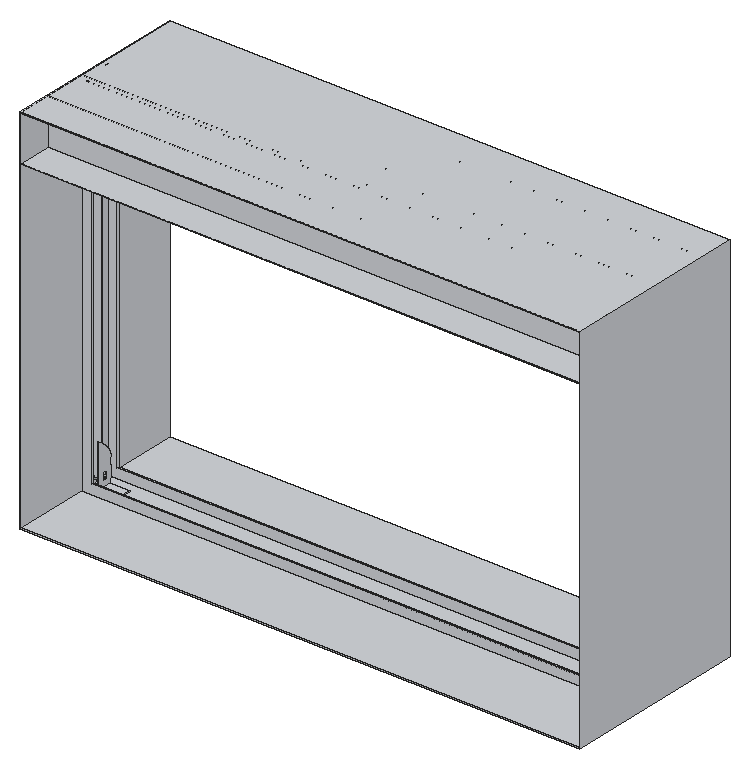
Revit family "FDD-SB", category Mechanical Equipment, Revit 2015
Parameters
  URL = "http://unitedenertech.com/catalog/pdf/A-5.%20FDD-SB.pdf"
  Type Comments = "Max. Sizes are (Vertical 72\"w x 32\"h) (Horizontal 36\"w x 32\"h)"
  Model = "FDD-SB"
  Manufacturer = "United Enertech Corporation"
  Keynote = ""
  Exact Width = 3' - 0"
  Duct Height [instance] = 1' - 9"
  Description = "Curtain Fire Damper for use in Static or Dynamic Systems"
  Damper Height = 2' - 0"
  Depth = 1' - 0"
  Blade Width [instance] = Exact Width - 0' 0 1/8"  # 2' - 11 7/8"
  Blade Pair Number [instance] = (Damper Height - 0' 0 9/128") / 0' 3 7/8"  # 6
  "B" = if(Damper Height < 1' 10 1/4", 0' 2", if(Damper Height < 2' 11 1/4", 0' 3", if(Damper Height < 3' 10 1/4", 0' 4", if(Damper Height < 4' 0 1/4", 0' 5", 0' 5"))))  # 0' - 3"
Reference planes (in)
  plane 1 "Center (Front/Back)": y = 0
  plane 2: z = 0
  plane 3 "Center (Left/Right)": x = 0
  plane 4: x = -18
  plane 5: x = 18
  plane 6: y = -6
  plane 7: y = 6
  plane 8: z = 24
  plane 9: x = -17.9641
  plane 10: x = 17.9641
  plane 11: z = 0.0359
  plane 12: z = 23.9641
  plane 13: y = 1.09375
  plane 14: y = -1.09375
  plane 15: y = -0.96875
  plane 16: y = 0.96875
  plane 17: z = 0.6609
  plane 18: x = -17.3391
  plane 19: x = 17.3391
  plane 20: z = 23.3391
  plane 21: z = 21
  plane 22: y = 3.8125
  plane 23: y = -3.8125
  plane 24: z = 21.0359
  plane 25: y = 3.8484
  plane 26: y = -3.8484
  plane 27: x = -0.25
  plane 28: x = 0.25
  plane 29: x = -17.41019
  plane 30: x = 17.41019
Forms (in)
  Extrusion 1, solid
    sketch origin (0, 0, 0) x (1, 0, 0) y (0, 0, 1)
      loop
        line (-17.9641, 23.9641) -> (-17.9641, 0.0359) -> (17.9641, 0.0359) -> (17.9641, 23.9641) -> (-17.9641, 23.9641)
      loop
        line (-18, 24) -> (-18, 0) -> (18, 0) -> (18, 24) -> (-18, 24)
    from -6 to 6
  Extrusion 2, solid
    sketch origin (0, 0, 0) x (1, 0, 0) y (0, 0, 1)
      loop
        line (-17.3391, 23.3391) -> (-17.3391, 0.6609) -> (17.3391, 0.6609) -> (17.3391, 23.3391) -> (-17.3391, 23.3391)
      loop
        line (-17.9641, 23.9641) -> (-17.9641, 0.0359) -> (17.9641, 0.0359) -> (17.9641, 23.9641) -> (-17.9641, 23.9641)
    from 0.96875 to 1.09375
  Extrusion 3, solid
    sketch origin (0, 0, 0) x (1, 0, 0) y (0, 0, 1)
      loop
        line (-17.3391, 23.3391) -> (-17.3391, 0.6609) -> (17.3391, 0.6609) -> (17.3391, 23.3391) -> (-17.3391, 23.3391)
      loop
        line (-17.9641, 23.9641) -> (-17.9641, 0.0359) -> (17.9641, 0.0359) -> (17.9641, 23.9641) -> (-17.9641, 23.9641)
    from -1.09375 to -0.96875
  Extrusion 4, solid
    sketch origin (0, 0, 0) x (0, 1, 0) y (0, 0, 1)
      loop
        line (6, 21) -> (6, 21.0359) -> (3.8484, 21.0359) -> (3.8484, 23.9641) -> (3.8125, 23.9641) -> (3.8125, 21) -> (6, 21)
    from -17.9641 to 17.9641
  Extrusion 5, solid
    sketch origin (0, 0, 0) x (0, -1, 0) y (0, 0, -1)
      loop
        line (6, -21) -> (3.8125, -21) -> (3.8125, -23.9641) -> (3.8484, -23.9641) -> (3.8484, -21.0359) -> (6, -21.0359) -> (6, -21)
    from -17.9641 to 17.9641
  Extrusion 6, solid
    sketch origin (0, 0, 0) x (0, 1, 0) y (0, 0, 1)
      loop
        line (0.96875, 23.9641) -> (0.93285, 23.9641) -> (0.93285, 21) -> (1.43285, 21) -> (1.43285, 21.45) -> (1.39695, 21.45) -> (1.39695, 21.0359) -> (0.96875, 21.0359) -> (0.96875, 23.9641)
    from -0.25 to 0.25
  Extrusion 7, solid
    sketch origin (0, 0, 0) x (0, -1, 0) y (0, 0, -1)
      loop
        line (0.96875, -23.9641) -> (0.96875, -21.0359) -> (1.39695, -21.0359) -> (1.39695, -21.45) -> (1.43285, -21.45) -> (1.43285, -21) -> (0.93285, -21) -> (0.93285, -23.9641) -> (0.96875, -23.9641)
    from -0.25 to 0.25
  Extrusion 8, solid
    sketch origin (0, 0, 0) x (0, 1, 0) y (0, 0, 1)
      loop
        line (-0.18817, 0.46965) -> (-0.15348, 0.46965) -> (-0.15348, 21) -> (-0.18817, 21) -> (-0.18817, 0.46965)
    from 17.41019 to 17.9641
  Extrusion 9, solid
    sketch origin (0, 0, 0) x (0, 1, 0) y (0, 0, -1)
      loop
        line (-0.18817, -0.46965) -> (-0.18817, -21) -> (-0.15348, -21) -> (-0.15348, -0.46965) -> (-0.18817, -0.46965)
    from 17.41019 to 17.9641
  Extrusion 10, solid
    sketch origin (0, 0, 0) x (0, 1, 0) y (0, 0, 1)
      loop
        arc (-0.15348, 21) -> (-0.03435, 21.35844) -> (0.23559, 21.62263) r 0.80221
        line (0.23559, 21.62263) -> (0.21813, 21.65023)
        arc (0.21813, 21.65023) -> (-0.05913, 21.37142) -> (-0.18817, 21) r 0.88457
        line (-0.18817, 21) -> (-0.15348, 21)
    from 17.41019 to 17.9641
  Extrusion 11, solid
    sketch origin (0, 0, 0) x (0, 1, 0) y (0, 0, -1)
      loop
        line (-0.15348, -21) -> (-0.18817, -21)
        arc (-0.18817, -21) -> (-0.05913, -21.37142) -> (0.21813, -21.65023) r 0.88457
        line (0.21813, -21.65023) -> (0.23559, -21.62263)
        arc (0.23559, -21.62263) -> (-0.03435, -21.35844) -> (-0.15348, -21) r 0.80221
    from 17.41019 to 17.9641
Dimensions and locks (in)
  equal spacing: plane 4, plane 3 "Center (Left/Right)", plane 5
  "Exact Width": plane 4 to plane 5
  equal spacing: plane 7, plane 1 "Center (Front/Back)", plane 6
  "Depth": plane 7 to plane 6
  "Damper Height": plane 8 to level
  locked: plane 9 to plane 4 at 0.0359
  locked: plane 5 to plane 10 at 0.0359
  locked: plane 8 to plane 12 at 0.0359
  locked: plane 11 to level at 0.0359
  locked: plane 13 to plane 14 at 2.1875
  locked: plane 15 to plane 14 at 0.125
  locked: plane 13 to plane 16 at 0.125
  locked: plane 18 to plane 9 at 0.625
  locked: plane 10 to plane 19 at 0.625
  locked: plane 17 to plane 11 at 0.625
  locked: plane 12 to plane 20 at 0.625
  ""B"": plane 8 to plane 21
  "Duct Height": plane 21 to level
  locked: plane 7 to plane 22 at 2.1875
  locked: plane 23 to plane 6 at 2.1875
  locked: plane 24 to plane 21 at 0.0359
  locked: plane 25 to plane 22 at 0.0359
  locked: plane 23 to plane 26 at 0.0359
  equal spacing: group 1, group 2, group 3, group 4, group 5, group 6  (x2)
  equal spacing: group 6, group 5, group 4, group 3, group 2, group 1
  locked: nested 1 to nested 2 at 0.40625
  locked: plane 4 to plane 29 at 0.58981
  locked: plane 30 to plane 5 at 0.58981
  aligned and locked: level to plane 2
  aligned and locked: level to Extrusion 1 sketch curve
  aligned and locked: Extrusion 1 sketch curve to plane 4
  aligned and locked: Extrusion 1 sketch curve to plane 5
  aligned and locked: Extrusion 1 sketch curve to plane 8
  aligned and locked: Extrusion 1 sketch curve to plane 12
  aligned and locked: plane 10 to Extrusion 1 sketch curve
  aligned and locked: plane 11 to Extrusion 1 sketch curve
  aligned and locked: plane 9 to Extrusion 1 sketch curve
  aligned and locked: plane 7 to Extrusion 1
  aligned and locked: Extrusion 1 to plane 6
  aligned and locked: plane 11 to Extrusion 2 sketch curve
  aligned and locked: plane 9 to Extrusion 2 sketch curve
  aligned and locked: plane 10 to Extrusion 2 sketch curve
  aligned and locked: Extrusion 2 sketch curve to plane 12
  aligned and locked: Extrusion 2 sketch curve to plane 20
  aligned and locked: Extrusion 2 sketch curve to plane 19
  aligned and locked: plane 17 to Extrusion 2 sketch curve
  aligned and locked: Extrusion 2 sketch curve to plane 18
  aligned and locked: plane 13 to Extrusion 3
  aligned and locked: Extrusion 3 to plane 16
  aligned and locked: plane 15 to Extrusion 2
  aligned and locked: Extrusion 2 to plane 14
  aligned and locked: Extrusion 4 sketch curve to plane 7
  aligned and locked: plane 21 to Extrusion 4 sketch curve
  aligned and locked: plane 24 to Extrusion 4 sketch curve
  aligned and locked: Extrusion 4 sketch curve to plane 22
  aligned and locked: plane 25 to Extrusion 4 sketch curve
  aligned and locked: Extrusion 4 sketch curve to plane 12
  aligned and locked: Extrusion 5 sketch curve to plane 6
  aligned and locked: Extrusion 5 sketch curve to plane 24
  aligned and locked: Extrusion 5 sketch curve to plane 21
  aligned and locked: plane 12 to Extrusion 5 sketch curve
  aligned and locked: Extrusion 5 sketch curve to plane 26
  aligned and locked: plane 23 to Extrusion 5 sketch curve
  aligned and locked: Extrusion 5 to plane 10
  aligned and locked: Extrusion 4 to plane 10
  aligned and locked: Extrusion 5 to plane 9
  aligned and locked: Extrusion 4 to plane 9
  aligned and locked: plane 3 "Center (Left/Right)" to nested 1
  aligned and locked: plane 12 to nested 1
  aligned and locked: plane 21 to Extrusion 6 sketch curve
  aligned and locked: plane 27 to Extrusion 7
  aligned and locked: plane 27 to Extrusion 6
  aligned and locked: plane 28 to Extrusion 7
  aligned and locked: plane 28 to Extrusion 6
  aligned and locked: plane 24 to nested 7
  aligned and locked: nested 8 to plane 9
  aligned and locked: plane 10 to nested 9
  aligned and locked: Extrusion 8 sketch curve to plane 21
  aligned and locked: Extrusion 8 to plane 10
  aligned and locked: Extrusion 9 to plane 9
  aligned and locked: plane 29 to Extrusion 9
  aligned and locked: plane 30 to Extrusion 8
  aligned and locked: Extrusion 10 sketch curve to plane 21
  aligned and locked: Extrusion 10 to plane 10
  aligned and locked: plane 30 to Extrusion 10
  aligned and locked: Extrusion 11 to plane 9
  aligned and locked: plane 29 to Extrusion 11
Automatic sketch dimensions
  Extrusion 3 sketch curve to plane 9 = 0' - 0"
  Extrusion 3 sketch curve to plane 17 = 0' - 0"
  plane 18 to Extrusion 3 sketch curve = 0' - 0"
  Extrusion 3 sketch curve to plane 19 = 0' - 0"
  plane 10 to Extrusion 3 sketch curve = 0' - 0"
  Extrusion 3 sketch curve to plane 11 = 0' - 0"
  Extrusion 3 sketch curve to plane 20 = 0' - 0"
  Extrusion 3 sketch curve to plane 12 = 0' - 0"
  Extrusion 6 sketch curve to plane 12 = 0' - 0"
  Extrusion 6 sketch curve to plane 16 = 0' - 0"
  plane 24 to Extrusion 6 sketch curve = 0' - 0"
  Extrusion 6 sketch curve to plane 16 = 0' - 0.0359"
  plane 13 to Extrusion 6 sketch curve = 0' - 0.3032"
  Extrusion 6 sketch curve to Extrusion 6 sketch curve = 0' - 0.0359"
  Extrusion 6 sketch curve to plane 24 = 0' - 0.4141"
  Extrusion 7 sketch curve to plane 21 = 0' - 0"
  Extrusion 7 sketch curve to plane 12 = 0' - 0"
  Extrusion 7 sketch curve to plane 15 = 0' - 0"
  plane 24 to Extrusion 7 sketch curve = 0' - 0"
  Extrusion 7 sketch curve to plane 15 = 0' - 0.0359"
  plane 14 to Extrusion 7 sketch curve = 0' - 0.3032"
  Extrusion 7 sketch curve to Extrusion 7 sketch curve = 0' - 0.0359"
  plane 24 to Extrusion 7 sketch curve = 0' - 0.4141"
  plane 1 "Center (Front/Back)" to Extrusion 8 sketch curve = 0' - 0.18817"
  Extrusion 8 sketch curve to Extrusion 8 sketch curve = 0' - 0.0347"
  Extrusion 8 sketch curve to plane 17 = 0' - 0.19125"
  Extrusion 9 sketch curve to plane 21 = 0' - 0"
  plane 1 "Center (Front/Back)" to Extrusion 9 sketch curve = 0' - 0.18817"
  Extrusion 9 sketch curve to Extrusion 9 sketch curve = 0' - 0.0347"
  Extrusion 9 sketch curve to plane 17 = 0' - 0.19125"
  plane 1 "Center (Front/Back)" to Extrusion 10 sketch curve = 0' - 0.18817"
  Extrusion 10 sketch curve to Extrusion 10 sketch curve = 0' - 0.0347"
  Extrusion 10 sketch curve to plane 1 "Center (Front/Back)" = 0' - 0.21813"
  Extrusion 10 sketch curve to Extrusion 10 sketch curve = 0' - 0.01746"
  Extrusion 10 sketch curve to plane 21 = 0' - 0.06667"
  Extrusion 10 sketch curve to plane 16 = 0' - 0.32279"
  Extrusion 10 sketch curve to Extrusion 10 sketch curve = 0' - 0.04506"
  Extrusion 10 sketch curve to Extrusion 10 sketch curve = 0' - 0.03066"
  Extrusion 11 sketch curve to plane 21 = 0' - 0"
  plane 1 "Center (Front/Back)" to Extrusion 11 sketch curve = 0' - 0.18817"
  Extrusion 11 sketch curve to Extrusion 11 sketch curve = 0' - 0.0347"
  Extrusion 11 sketch curve to plane 1 "Center (Front/Back)" = 0' - 0.21813"
  Extrusion 11 sketch curve to Extrusion 11 sketch curve = 0' - 0.01746"
  Extrusion 11 sketch curve to plane 21 = 0' - 0.06667"
  Extrusion 11 sketch curve to plane 16 = 0' - 0.32279"
  Extrusion 11 sketch curve to Extrusion 11 sketch curve = 0' - 0.04506"
  Extrusion 11 sketch curve to Extrusion 11 sketch curve = 0' - 0.02759"
Nested families (in)
  nested 1: "FD-SALB BLADESEDITED" at (0, 1.17008, 23.12138), type "FD-SALB BLADESEDITED"
    with Blade Width 2' - 11 7/8"
  nested 2: "FD-SALB BLADESEDITED" at (0, 1.17008, 22.71513), type "FD-SALB BLADESEDITED"
    with Blade Width 2' - 11 7/8"
  nested 3: "FD-SALB BLADESEDITED" at (0, 1.17008, 22.30888), type "FD-SALB BLADESEDITED"
    with Blade Width 2' - 11 7/8"
  nested 4: "FD-SALB BLADESEDITED" at (0, 1.17008, 21.90263), type "FD-SALB BLADESEDITED"
    with Blade Width 2' - 11 7/8"
  nested 5: "FD-SALB BLADESEDITED" at (0, 1.17008, 21.49638), type "FD-SALB BLADESEDITED"
    with Blade Width 2' - 11 7/8"
  nested 6: "FD-SALB BLADESEDITED" at (0, 1.17008, 21.09013), type "FD-SALB BLADESEDITED"
    with Blade Width 2' - 11 7/8"
  nested 7: "EFL" at (4.62017, 3.54736, 21.0359), type "EFL"
  nested 8: "Fire Damper Spring" at (-17.41019, -4.48368, -2.82915) x (0, 1, 0) z (0, 0, 1), type "Fire Damper Spring"
  nested 9: "Fire Damper Spring" at (17.41019, -4.48368, -2.82915) x (0, 1, 0) z (0, 0, 1), type "Fire Damper Spring"
Definition of nested family "FD-SALB BLADESEDITED"
  Parameters (values of type "FD-SALB BLADESEDITED")
    Blade Width = 1' - 11 7/8"
  Reference planes (in)
    plane 1 "Center (Front/Back)": y = 0
    plane 2: z = 0
    plane 3 "Center (Left/Right)": x = 0
    plane 4: x = -11.9375
    plane 5: x = 11.9375
  Forms (in)
    Extrusion 1, solid
      sketch origin (0, 0, 0) x (0, 1, 0) y (0, 0, 1)
        loop
          line (-0.31672, 0.53073) -> (-0.3446, 0.62657)
          arc (-0.3446, 0.62657) -> (-0.33726, 0.6415) -> (-0.32269, 0.63348) r 0.0115
          line (-0.32269, 0.63348) -> (-0.30545, 0.53536)
          arc (-0.30545, 0.53536) -> (-0.31611, 0.49773) -> (-0.35217, 0.48264) r 0.045
          line (-0.35217, 0.48264) -> (-0.39872, 0.48554)
          arc (-0.39872, 0.48554) -> (-0.42675, 0.49692) -> (-0.44125, 0.52348) r 0.045
          line (-0.44125, 0.52348) -> (-0.47071, 0.66865)
          arc (-0.47071, 0.66865) -> (-0.48965, 0.70349) -> (-0.5262, 0.7189) r 0.06
          line (-0.5262, 0.7189) -> (-1.55698, 0.78305) -> (-1.76244, 0.79584)
          arc (-1.76244, 0.79584) -> (-1.79846, 0.78683) -> (-1.82228, 0.75836) r 0.06
          line (-1.82228, 0.75836) -> (-1.88016, 0.61423)
          arc (-1.88016, 0.61423) -> (-1.90974, 0.57877) -> (-1.95445, 0.56733) r 0.075
          arc (-1.95445, 0.56733) -> (-2.03902, 0.60869) -> (-2.06957, 0.69773) r 0.123
          line (-2.06957, 0.69773) -> (-2.06418, 0.78456)
          arc (-2.06418, 0.78456) -> (-2.05371, 0.80551) -> (-2.03138, 0.81256) r 0.03
          line (-2.03138, 0.81256) -> (-1.90763, 0.80489) -> (-1.90763, 0.8362) -> (-2.01284, 0.84272) -> (-2.04641, 0.84272)
          arc (-2.04641, 0.84272) -> (-2.08042, 0.82292) -> (-2.09536, 0.7865) r 0.06125
          line (-2.09536, 0.7865) -> (-2.10077, 0.69966)
          arc (-2.10077, 0.69966) -> (-2.06244, 0.58801) -> (-1.95639, 0.53614) r 0.15425
          arc (-1.95639, 0.53614) -> (-1.89306, 0.55235) -> (-1.8512, 0.60257) r 0.10625
          line (-1.8512, 0.60257) -> (-1.7933, 0.74674)
          arc (-1.7933, 0.74674) -> (-1.78183, 0.76038) -> (-1.76452, 0.76466) r 0.02875
          line (-1.76452, 0.76466) -> (-1.55892, 0.75186) -> (-0.52813, 0.68773)
          arc (-0.52813, 0.68773) -> (-0.51045, 0.68016) -> (-0.50148, 0.66314) r 0.02875
          line (-0.50148, 0.66314) -> (-0.47199, 0.51784)
          arc (-0.47199, 0.51784) -> (-0.4474, 0.47346) -> (-0.4004, 0.45434) r 0.07625
          line (-0.4004, 0.45434) -> (-0.35398, 0.45144)
          arc (-0.35398, 0.45144) -> (-0.29278, 0.47694) -> (-0.27468, 0.54073) r 0.07625
          line (-0.27468, 0.54073) -> (-0.29191, 0.63889)
          arc (-0.29191, 0.63889) -> (-0.33988, 0.67434) -> (-0.37768, 0.6282) r 0.04327
          line (-0.37768, 0.6282) -> (-0.34677, 0.52199) -> (-0.31672, 0.53073)
      from -11.9375 to 11.9375
    Extrusion 2, solid
      sketch origin (0, 0, 0) x (0, 1, 0) y (0, 0, 1)
        loop
          arc (-0.31635, 0.67497) -> (-0.29361, 0.66856) -> (-0.28256, 0.64768) r 0.03
          line (-0.28256, 0.64768) -> (-0.2714, 0.56286)
          arc (-0.2714, 0.56286) -> (-0.29582, 0.47194) -> (-0.37737, 0.42491) r 0.123
          arc (-0.37737, 0.42491) -> (-0.42275, 0.43328) -> (-0.45469, 0.46664) r 0.075
          line (-0.45469, 0.46664) -> (-0.52225, 0.60648)
          arc (-0.52225, 0.60648) -> (-0.54755, 0.63305) -> (-0.58358, 0.63992) r 0.06
          line (-0.58358, 0.63992) -> (-0.78858, 0.61304) -> (-1.81262, 0.47877)
          arc (-1.81262, 0.47877) -> (-1.84723, 0.46173) -> (-1.86432, 0.42714) r 0.06
          line (-1.86432, 0.42714) -> (-1.88437, 0.27537)
          arc (-1.88437, 0.27537) -> (-1.89734, 0.2499) -> (-1.92301, 0.23735) r 0.045
          line (-1.92301, 0.23735) -> (-1.96868, 0.2314)
          arc (-1.96868, 0.2314) -> (-2.00696, 0.24361) -> (-2.02023, 0.28153) r 0.045
          line (-2.02023, 0.28153) -> (-2.00995, 0.379)
          arc (-2.00995, 0.379) -> (-1.99657, 0.38882) -> (-1.98728, 0.37505) r 0.0115
          line (-1.98728, 0.37505) -> (-2.00879, 0.27676) -> (-1.97772, 0.26996) -> (-1.95543, 0.37179)
          arc (-1.95543, 0.37179) -> (-1.99381, 0.41919) -> (-2.04121, 0.38081) r 0.04313
          line (-2.04121, 0.38081) -> (-2.05127, 0.28509)
          arc (-2.05127, 0.28509) -> (-2.02877, 0.22122) -> (-1.96431, 0.20045) r 0.07625
          line (-1.96431, 0.20045) -> (-1.91897, 0.20638)
          arc (-1.91897, 0.20638) -> (-1.87533, 0.22771) -> (-1.85342, 0.27106) r 0.07625
          line (-1.85342, 0.27106) -> (-1.83333, 0.42305)
          arc (-1.83333, 0.42305) -> (-1.82514, 0.43962) -> (-1.80853, 0.44779) r 0.02875
          line (-1.80853, 0.44779) -> (-0.78452, 0.58205) -> (-0.57967, 0.60892)
          arc (-0.57967, 0.60892) -> (-0.56246, 0.60559) -> (-0.55039, 0.5929) r 0.02875
          line (-0.55039, 0.5929) -> (-0.48278, 0.45303)
          arc (-0.48278, 0.45303) -> (-0.4376, 0.40578) -> (-0.37331, 0.39393) r 0.10625
          arc (-0.37331, 0.39393) -> (-0.27103, 0.4529) -> (-0.24041, 0.56695) r 0.15425
          line (-0.24041, 0.56695) -> (-0.2515, 0.65113)
          arc (-0.2515, 0.65113) -> (-0.27433, 0.69316) -> (-0.32041, 0.70596) r 0.06125
          line (-0.32041, 0.70596) -> (-0.44437, 0.68971) -> (-0.44031, 0.65872) -> (-0.31635, 0.67497)
      from -11.9375 to 11.9375
  Dimensions and locks (in)
    equal spacing: plane 4, plane 3 "Center (Left/Right)", plane 5
    "Blade Width": plane 4 to plane 5
    aligned and locked: level to plane 2
    aligned and locked: plane 4 to Extrusion 1
    aligned and locked: plane 4 to Extrusion 2
    aligned and locked: plane 5 to Extrusion 1
    aligned and locked: plane 5 to Extrusion 2
  Automatic sketch dimensions
    Extrusion 2 sketch curve to Extrusion 2 sketch curve = 0' - 0"  (x35)
    level to Extrusion 2 sketch curve = 0' - 0.28509"
    plane 1 "Center (Front/Back)" to Extrusion 2 sketch curve = 0' - 2.05127"
    level to Extrusion 2 sketch curve = 0' - 0.38081"
    Extrusion 2 sketch curve to Extrusion 2 sketch curve = 0' - 0.01006"
    level to Extrusion 2 sketch curve = 0' - 0.28153"
    Extrusion 2 sketch curve to Extrusion 2 sketch curve = 0' - 0.03105"
    level to Extrusion 2 sketch curve = 0' - 0.27676"
    Extrusion 2 sketch curve to Extrusion 2 sketch curve = 0' - 0.01143"  (x2)
    Extrusion 2 sketch curve to Extrusion 2 sketch curve = 0' - 0.04266"
    Extrusion 2 sketch curve to Extrusion 2 sketch curve = 0' - 0.00023"
    level to Extrusion 2 sketch curve = 0' - 0.26996"
    Extrusion 2 sketch curve to Extrusion 2 sketch curve = 0' - 0.03107"
    Extrusion 2 sketch curve to Extrusion 2 sketch curve = 0' - 0.00213"
    level to Extrusion 2 sketch curve = 0' - 0.2314"
    Extrusion 2 sketch curve to Extrusion 2 sketch curve = 0' - 0.00904"
    level to Extrusion 2 sketch curve = 0' - 0.20045"
    level to Extrusion 2 sketch curve = 0' - 0.37179"
    Extrusion 2 sketch curve to Extrusion 2 sketch curve = 0' - 0.0467"
    level to Extrusion 2 sketch curve = 0' - 0.27537"
    Extrusion 2 sketch curve to Extrusion 2 sketch curve = 0' - 0.04451"
    level to Extrusion 2 sketch curve = 0' - 0.27106"
    Extrusion 2 sketch curve to Extrusion 2 sketch curve = 0' - 0.03095"
    Extrusion 2 sketch curve to Extrusion 2 sketch curve = 0' - 0.0486"
    plane 1 "Center (Front/Back)" to Extrusion 2 sketch curve = 0' - 0.78452"
    Extrusion 2 sketch curve to Extrusion 2 sketch curve = 0' - 0.20094"
    Extrusion 2 sketch curve to Extrusion 2 sketch curve = 0' - 0 1/256"  (x2)
    Extrusion 2 sketch curve to Extrusion 2 sketch curve = 0' - 0.0034"
    Extrusion 2 sketch curve to Extrusion 2 sketch curve = 0' - 0.13921"
    Extrusion 2 sketch curve to Extrusion 2 sketch curve = 0' - 0.00406"  (x3)
    Extrusion 2 sketch curve to Extrusion 2 sketch curve = 0' - 0.04695"
    Extrusion 2 sketch curve to Extrusion 2 sketch curve = 0' - 0.00624"
    Extrusion 2 sketch curve to Extrusion 2 sketch curve = 0' - 0.0809"
    Extrusion 2 sketch curve to Extrusion 2 sketch curve = 0' - 0.0299"
    Extrusion 2 sketch curve to Extrusion 2 sketch curve = 0' - 0.03106"
    Extrusion 2 sketch curve to Extrusion 2 sketch curve = 0' - 0.00661"
    Extrusion 2 sketch curve to Extrusion 2 sketch curve = 0' - 0.00119"
    Extrusion 2 sketch curve to Extrusion 2 sketch curve = 0' - 0.14822"
    level to Extrusion 2 sketch curve = 0' - 0.49927"
    Extrusion 2 sketch curve to Extrusion 2 sketch curve = 0' - 0.04759"
    Extrusion 2 sketch curve to Extrusion 2 sketch curve = 0' - 0.0335"
    Extrusion 2 sketch curve to Extrusion 2 sketch curve = 0' - 0.00168"
    Extrusion 2 sketch curve to Extrusion 2 sketch curve = 0' - 0.02855"
    Extrusion 2 sketch curve to Extrusion 2 sketch curve = 0' - 0.031"
    Extrusion 2 sketch curve to Extrusion 2 sketch curve = 0' - 0.09835"
    Extrusion 2 sketch curve to Extrusion 2 sketch curve = 0' - 0.00246"
    Extrusion 2 sketch curve to Extrusion 2 sketch curve = 0' - 0.00345"
    Extrusion 2 sketch curve to Extrusion 2 sketch curve = 0' - 0.11186"
    Extrusion 2 sketch curve to Extrusion 2 sketch curve = 0' - 0.03098"  (x3)
    level to Extrusion 2 sketch curve = 0' - 0.37898"
    Extrusion 2 sketch curve to Extrusion 2 sketch curve = 0' - 0.00003"  (x4)
    Extrusion 2 sketch curve to Extrusion 2 sketch curve = 0' - 0.01101"
    level to Extrusion 2 sketch curve = 0' - 0.37505"
    Extrusion 2 sketch curve to Extrusion 2 sketch curve = 0' - 0.00585"
    level to Extrusion 2 sketch curve = 0' - 0.23735"
    Extrusion 2 sketch curve to Extrusion 2 sketch curve = 0' - 0.00404"
    level to Extrusion 2 sketch curve = 0' - 0.20636"
    level to Extrusion 2 sketch curve = 0' - 0.42714"
    Extrusion 2 sketch curve to Extrusion 2 sketch curve = 0' - 0.0595"
    level to Extrusion 2 sketch curve = 0' - 0.42305"
    Extrusion 2 sketch curve to Extrusion 2 sketch curve = 0' - 0.02852"
    Extrusion 2 sketch curve to Extrusion 2 sketch curve = 0' - 0.0207"
    level to Extrusion 2 sketch curve = 0' - 0.47878"
    Extrusion 2 sketch curve to Extrusion 2 sketch curve = 0' - 0.00374"
    level to Extrusion 2 sketch curve = 0' - 0.44779"
    Extrusion 2 sketch curve to Extrusion 2 sketch curve = 0' - 0.02588"
    Extrusion 2 sketch curve to Extrusion 2 sketch curve = 0' - 0.02814"
    Extrusion 2 sketch curve to Extrusion 2 sketch curve = 0' - 0.0957"
    Extrusion 2 sketch curve to Extrusion 2 sketch curve = 0' - 0.00004"  (x2)
    Extrusion 2 sketch curve to Extrusion 2 sketch curve = 0' - 0.02809"
    Extrusion 2 sketch curve to Extrusion 2 sketch curve = 0' - 0.00975"
    Extrusion 2 sketch curve to Extrusion 2 sketch curve = 0' - 0.00796"
    Extrusion 2 sketch curve to Extrusion 2 sketch curve = 0' - 0.01116"
    Extrusion 2 sketch curve to Extrusion 2 sketch curve = 0' - 0.00002"
    Extrusion 1 sketch curve to Extrusion 1 sketch curve = 0' - 0"  (x30)
    level to Extrusion 1 sketch curve = 0' - 0.7827"
    plane 1 "Center (Front/Back)" to Extrusion 1 sketch curve = 0' - 2.03423"
    Extrusion 1 sketch curve to Extrusion 1 sketch curve = 0' - 0.00284"
    Extrusion 1 sketch curve to Extrusion 1 sketch curve = 0' - 0.01854"
    Extrusion 1 sketch curve to Extrusion 1 sketch curve = 0' - 0.08443"
    Extrusion 1 sketch curve to Extrusion 1 sketch curve = 0' - 0.00298"
    Extrusion 1 sketch curve to Extrusion 1 sketch curve = 0' - 0.03918"
    Extrusion 1 sketch curve to Extrusion 1 sketch curve = 0' - 0.14102"
    level to Extrusion 1 sketch curve = 0' - 0.76466"
    Extrusion 1 sketch curve to Extrusion 1 sketch curve = 0' - 0.00209"
    level to Extrusion 1 sketch curve = 0' - 0.79584"
    Extrusion 1 sketch curve to Extrusion 1 sketch curve = 0' - 0.00208"  (x2)
    level to Extrusion 1 sketch curve = 0' - 0.75186"
    Extrusion 1 sketch curve to Extrusion 1 sketch curve = 0' - 0.2056"
    Extrusion 1 sketch curve to Extrusion 1 sketch curve = 0' - 0.00194"  (x2)
    plane 1 "Center (Front/Back)" to Extrusion 1 sketch curve = 0' - 0.52993"
    Extrusion 1 sketch curve to Extrusion 1 sketch curve = 0' - 0.02845"
    Extrusion 1 sketch curve to Extrusion 1 sketch curve = 0' - 0.02949"
    Extrusion 1 sketch curve to Extrusion 1 sketch curve = 0' - 0.03077"  (x2)
    Extrusion 1 sketch curve to Extrusion 1 sketch curve = 0' - 0.03074"
    Extrusion 1 sketch curve to Extrusion 1 sketch curve = 0' - 0.04085"
    Extrusion 1 sketch curve to Extrusion 1 sketch curve = 0' - 0.00168"
    Extrusion 1 sketch curve to Extrusion 1 sketch curve = 0' - 0.04445"
    Extrusion 1 sketch curve to Extrusion 1 sketch curve = 0' - 0.01912"
    Extrusion 1 sketch curve to Extrusion 1 sketch curve = 0' - 0.04641"
    Extrusion 1 sketch curve to Extrusion 1 sketch curve = 0' - 0.00182"
    Extrusion 1 sketch curve to Extrusion 1 sketch curve = 0' - 0.00238"
    Extrusion 1 sketch curve to Extrusion 1 sketch curve = 0' - 0.00302"
    Extrusion 1 sketch curve to Extrusion 1 sketch curve = 0' - 0.03307"
    Extrusion 1 sketch curve to Extrusion 1 sketch curve = 0' - 0.01008"
    Extrusion 1 sketch curve to Extrusion 1 sketch curve = 0' - 0.00072"
    Extrusion 1 sketch curve to Extrusion 1 sketch curve = 0' - 0.01112"
    Extrusion 1 sketch curve to Extrusion 1 sketch curve = 0' - 0.03006"
    Extrusion 1 sketch curve to Extrusion 1 sketch curve = 0' - 0.03078"
    Extrusion 1 sketch curve to Extrusion 1 sketch curve = 0' - 0.02867"
    Extrusion 1 sketch curve to Extrusion 1 sketch curve = 0' - 0.09261"
    level to Extrusion 1 sketch curve = 0' - 0.66865"
    Extrusion 1 sketch curve to Extrusion 1 sketch curve = 0' - 0.00551"
    Extrusion 1 sketch curve to Extrusion 1 sketch curve = 0' - 0.00412"
    Extrusion 1 sketch curve to Extrusion 1 sketch curve = 0' - 0.04791"
    Extrusion 1 sketch curve to Extrusion 1 sketch curve = 0' - 0.02976"
    Extrusion 1 sketch curve to Extrusion 1 sketch curve = 0' - 0.00541"
    Extrusion 1 sketch curve to Extrusion 1 sketch curve = 0' - 0.00087"
    Extrusion 1 sketch curve to Extrusion 1 sketch curve = 0' - 0.00852"
    Extrusion 1 sketch curve to Extrusion 1 sketch curve = 0' - 0.00559"
    Extrusion 1 sketch curve to Extrusion 1 sketch curve = 0' - 0.00702"
    Extrusion 1 sketch curve to Extrusion 1 sketch curve = 0' - 0.00564"
    Extrusion 1 sketch curve to Extrusion 1 sketch curve = 0' - 0.03935"
    Extrusion 1 sketch curve to Extrusion 1 sketch curve = 0' - 0.0312"
    Extrusion 1 sketch curve to Extrusion 1 sketch curve = 0' - 0.03119"
    Extrusion 1 sketch curve to Extrusion 1 sketch curve = 0' - 0.1148"
    Extrusion 1 sketch curve to Extrusion 1 sketch curve = 0' - 0.03131"
    Extrusion 1 sketch curve to Extrusion 1 sketch curve = 0' - 0.02994"
    level to Extrusion 1 sketch curve = 0' - 0.78456"
    Extrusion 1 sketch curve to Extrusion 1 sketch curve = 0' - 0.00539"
    level to Extrusion 1 sketch curve = 0' - 0.69772"
    Extrusion 1 sketch curve to Extrusion 1 sketch curve = 0' - 0.03117"
    Extrusion 1 sketch curve to Extrusion 1 sketch curve = 0' - 0.03118"
    level to Extrusion 1 sketch curve = 0' - 0.69966"
    Extrusion 1 sketch curve to Extrusion 1 sketch curve = 0' - 0.03357"
    Extrusion 1 sketch curve to Extrusion 1 sketch curve = 0' - 0.0066"
    Extrusion 1 sketch curve to Extrusion 1 sketch curve = 0' - 0.06959"
    level to Extrusion 1 sketch curve = 0' - 0.61423"
    Extrusion 1 sketch curve to Extrusion 1 sketch curve = 0' - 0.00004"  (x2)
    Extrusion 1 sketch curve to Extrusion 1 sketch curve = 0' - 0.02896"
    level to Extrusion 1 sketch curve = 0' - 0.60259"
    level to Extrusion 1 sketch curve = 0' - 0.75838"
    Extrusion 1 sketch curve to Extrusion 1 sketch curve = 0' - 0.05778"
    level to Extrusion 1 sketch curve = 0' - 0.74674"
    Extrusion 1 sketch curve to Extrusion 1 sketch curve = 0' - 0.02669"
    Extrusion 1 sketch curve to Extrusion 1 sketch curve = 0' - 0.00179"
    Extrusion 1 sketch curve to Extrusion 1 sketch curve = 0' - 0.00193"
    Extrusion 1 sketch curve to Extrusion 1 sketch curve = 0' - 0.01125"
    Extrusion 1 sketch curve to Extrusion 1 sketch curve = 0' - 0.00003"
    Extrusion 1 sketch curve to Extrusion 1 sketch curve = 0' - 0.05622"
    Extrusion 1 sketch curve to Extrusion 1 sketch curve = 0' - 0.03016"
Definition of nested family "EFL"
  Reference planes (in)
    plane 1 "Center (Front/Back)": y = 0
    plane 2: z = 0
    plane 3 "Center (Left/Right)": x = 0
  Forms (in)
    Extrusion 1, solid
      sketch origin (0, 0, 0) x (1, 0, 0) y (0, 1, 0)
        loop
          arc (-4.87017, -4.05324) -> (-4.81525, -4.18582) -> (-4.68267, -4.24074) r 0.1875
          line (-4.68267, -4.24074) -> (-4.55767, -4.24074)
          arc (-4.55767, -4.24074) -> (-4.42508, -4.18582) -> (-4.37017, -4.05324) r 0.1875
          line (-4.37017, -4.05324) -> (-4.37017, -3.41574) -> (-4.87017, -3.41574) -> (-4.87017, -4.05324)
        loop
          circle (-4.62017, -4.05324) r 0.0625
      from 0.1 to 0.05
    Extrusion 2, solid
      sketch origin (-9.24033, -7.08147, 0) x (-1, 0, 0) y (0, -1, 0)
        loop
          arc (-4.87017, -4.05324) -> (-4.81525, -4.18582) -> (-4.68267, -4.24074) r 0.1875
          line (-4.68267, -4.24074) -> (-4.55767, -4.24074)
          arc (-4.55767, -4.24074) -> (-4.42508, -4.18582) -> (-4.37017, -4.05324) r 0.1875
          line (-4.37017, -4.05324) -> (-4.37017, -3.41574) -> (-4.87017, -3.41574) -> (-4.87017, -4.05324)
        loop
          circle (-4.62017, -4.05324) r 0.0625
      from 0 to 0.05
    Sweep 3, solid
      path in 3D
        loop
          line (-4.62017, -4.16421, 0) -> (-4.62017, -4.22608, 0)
          arc (-4.62017, -4.22608, 0) -> (-4.65678, -4.31447, 0) -> (-4.74517, -4.35108, 0) r 0.125
          line (-4.74517, -4.35108, 0) -> (-4.92568, -4.35108, 0)
          arc (-4.92568, -4.35108, 0) -> (-5.02859, -4.454, 0) -> (-4.92568, -4.55691, 0) r 0.10291
          line (-4.92568, -4.55691, 0) -> (-4.62017, -4.55691, 0) -> (-4.31465, -4.55691, 0)
          arc (-4.31465, -4.55691, 0) -> (-4.21174, -4.454, 0) -> (-4.31465, -4.35108, 0) r 0.10291
          line (-4.31465, -4.35108, 0) -> (-4.58427, -4.35108, 0)
      profile origin (-4.62017, -4.19515, 0) x (1, 0, 0) y (0, 0, 1)
        loop
          circle (0, 0) r 0.03202
    Sweep 4, solid
      path in 3D
        loop
          line (-4.62017, -4.283, 0.1526) -> (-4.62017, -4.12297, 0.1526)
          arc (-4.62017, -4.12297, 0.1526) -> (-4.62017, -4.04635, 0.07598) -> (-4.62017, -4.12297, -0.00063) r 0.07662
          line (-4.62017, -4.12297, -0.00063) -> (-4.62017, -4.16421, -0.00063)
      profile origin (-4.62017, -4.14359, -0.00063) x (0, 0, -1) y (1, 0, 0)
        loop
          circle (0, 0) r 0.03138
    Sweep 5, solid
      path in 3D
        loop
          line (-4.62017, -2.91726, 0) -> (-4.62017, -2.85539, 0)
          arc (-4.62017, -2.85539, 0) -> (-4.65678, -2.767, 0) -> (-4.74517, -2.73039, 0) r 0.125
          line (-4.74517, -2.73039, 0) -> (-4.92568, -2.73039, 0)
          arc (-4.92568, -2.73039, 0) -> (-5.02859, -2.62747, 0) -> (-4.92568, -2.52456, 0) r 0.10291
          line (-4.92568, -2.52456, 0) -> (-4.62017, -2.52456, 0) -> (-4.31465, -2.52456, 0)
          arc (-4.31465, -2.52456, 0) -> (-4.21174, -2.62747, 0) -> (-4.31465, -2.73039, 0) r 0.10291
          line (-4.31465, -2.73039, 0) -> (-4.58427, -2.73039, 0)
      profile origin (-4.62017, -2.88633, 0) x (-1, 0, 0) y (0, 0, 1)
        loop
          circle (0, 0) r 0.03202
    Sweep 6, solid
      path in 3D
        loop
          line (-4.62017, -2.79848, 0.1526) -> (-4.62017, -2.95851, 0.1526)
          arc (-4.62017, -2.95851, 0.1526) -> (-4.62017, -3.03512, 0.07598) -> (-4.62017, -2.95851, -0.00063) r 0.07662
          line (-4.62017, -2.95851, -0.00063) -> (-4.62017, -2.91726, -0.00063)
      profile origin (-4.62017, -2.93788, -0.00063) x (0, 0, 1) y (1, 0, 0)
        loop
          circle (0, 0) r 0.03138
  Lines and regions (in)
    sketch lines
      curve 1: line (-4.62017, -4.16421, 0) -> (-4.62017, -4.22608, 0)
      curve 2: arc (-4.74517, -4.35108, 0) -> (-4.65678, -4.31447, 0) -> (-4.62017, -4.22608, 0) r 0.125
      curve 3: line (-4.74517, -4.35108, 0) -> (-4.92568, -4.35108, 0)
      curve 4: arc (-4.92568, -4.35108, 0) -> (-5.02859, -4.454, 0) -> (-4.92568, -4.55691, 0) r 0.10291
      curve 5: line (-4.62017, -4.55691, 0) -> (-4.92568, -4.55691, 0)
      curve 6: line (-4.62017, -4.55691, 0) -> (-4.31465, -4.55691, 0)
      curve 7: arc (-4.31465, -4.55691, 0) -> (-4.21174, -4.454, 0) -> (-4.31465, -4.35108, 0) r 0.10291
      curve 8: line (-4.58427, -4.35108, 0) -> (-4.31465, -4.35108, 0)
      curve 9: line (-4.62017, -4.12297, -0.00063) -> (-4.62017, -4.16421, -0.00063)
      curve 10: arc (-4.62017, -4.12297, -0.00063) -> (-4.62017, -4.04635, 0.07598) -> (-4.62017, -4.12297, 0.1526) r 0.07662
      curve 11: line (-4.62017, -4.12297, 0.1526) -> (-4.62017, -4.283, 0.1526)
      curve 12: line (-4.62017, -2.91726, 0) -> (-4.62017, -2.85539, 0)
      curve 13: arc (-4.74517, -2.73039, 0) -> (-4.65678, -2.767, 0) -> (-4.62017, -2.85539, 0) r 0.125
      curve 14: line (-4.74517, -2.73039, 0) -> (-4.92568, -2.73039, 0)
      curve 15: arc (-4.92568, -2.73039, 0) -> (-5.02859, -2.62747, 0) -> (-4.92568, -2.52456, 0) r 0.10291
      curve 16: line (-4.62017, -2.52456, 0) -> (-4.92568, -2.52456, 0)
      curve 17: line (-4.62017, -2.52456, 0) -> (-4.31465, -2.52456, 0)
      curve 18: arc (-4.31465, -2.52456, 0) -> (-4.21174, -2.62747, 0) -> (-4.31465, -2.73039, 0) r 0.10291
      curve 19: line (-4.58427, -2.73039, 0) -> (-4.31465, -2.73039, 0)
      curve 20: line (-4.62017, -2.95851, -0.00063) -> (-4.62017, -2.91726, -0.00063)
      curve 21: arc (-4.62017, -2.95851, -0.00063) -> (-4.62017, -3.03512, 0.07598) -> (-4.62017, -2.95851, 0.1526) r 0.07662
      curve 22: line (-4.62017, -2.95851, 0.1526) -> (-4.62017, -2.79848, 0.1526)
  Dimensions and locks (in)
    aligned and locked: level to plane 2
Definition of nested family "Fire Damper Spring"
  Reference planes (in)
    plane 1 "Center (Front/Back)": y = 0
    plane 2: z = 0
    plane 3 "Center (Left/Right)": x = 0
  Forms (in)
    Extrusion 1, solid
      sketch origin (-1.85058, 0, 0) x (1, 0, 0) y (0, 0, 1)
        loop
          line (5.83358, 5.61505) -> (5.83358, 2.86505) -> (6.70858, 2.86505) -> (6.70858, 3.11505) -> (6.83358, 3.11505) -> (6.83358, 3.74645) -> (6.70858, 4.08156) -> (6.70858, 4.28395) -> (6.83358, 4.40895)
          arc (6.83358, 4.40895) -> (6.47375, 5.12822) -> (5.83358, 5.61505) r 1.77618
        loop
          line (6.15858, 3.72986) -> (6.15858, 3.22986) -> (6.50858, 3.22986) -> (6.50858, 3.72986) -> (6.15858, 3.72986)
      from 0 to 0.06
    Extrusion 2, solid
      sketch origin (0, 0, 0) x (1, 0, 0) y (0, 0, 1)
        loop
          line (3.983, 2.86505) -> (4.858, 2.86505) -> (4.858, 2.92505) -> (3.983, 2.92505) -> (3.983, 2.86505)
      from 0.06 to 1.375
    Extrusion 3, solid
      sketch origin (-1.27452, 0, -0.02337) x (1, 0, 0) y (0, 0, 1)
        loop
          circle (5.75753, 3.32218) r 0.1875
        loop
          circle (5.75753, 3.32218) r 0.16
      from 0 to -0.5
    Extrusion 4, solid
      sketch origin (0, 0, 0) x (1, 0, 0) y (0, 0, 1)
        loop
          line (4.38792, 3.22986) -> (4.38792, 3.16986) -> (4.57943, 3.16986) -> (4.57943, 3.22986) -> (4.38792, 3.22986)
      from 0 to -0.55391
  Dimensions and locks (in)
    aligned and locked: level to plane 2
